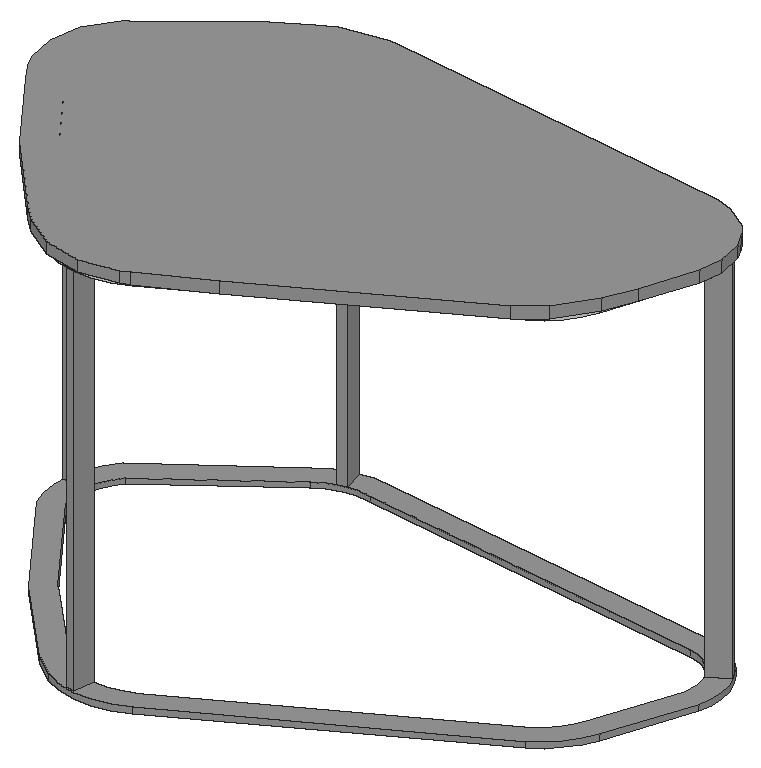
Revit family "Bernhardt-Design_Table_Chance_End", category Furniture, Revit 2013
Parameters (values of type "Chance End Table")
  Model = "Chance Table"
  Length = 18.5"
  Description = "Table"
  Width = 27.44"
  URL = "http://bernhardtdesign.com/"
  Product Page URL = "xxx"
  Product Name = "Chance End Table"
  Product Documentation Link = "xxx"
  Manufacturer = "Bernhardt "  # constant formula
  Level Certification = ""
  Height = 17.875"
  GreenGuard Certification = ""
  Bernhardt Wood = Wood-Bernhardt-Walnut
  Bernhardt Metal = Metal-Bernhardt-Polished
Reference planes (in)
  plane 1 "Center (Front/Back)": y = 0
  plane 2 "Bottom": z = 0
  plane 3 "Center (Left/Right)": x = 0
  plane 4 "Top of Upper Base": z = 17.1576
  plane 5 "Top of Lower Base": z = 0.25
  plane 6: z = 16.95866
  plane 7 "Table top": z = 17.6576
Forms (in)
  Extrusion 1, solid, material "Wood-Bernhardt-Walnut" <- "Bernhardt Wood"
    sketch origin (0, 0, 17.6576) x (1, 0, 0) y (0, 1, 0)
      loop
        line (-7.98163, -3.59373) -> (-4.98022, -6.92199) -> (-4.31235, -7.57609) -> (-2.88692, -8.49127) -> (-1.24452, -8.80455) -> (0.37897, -8.49489) -> (0.73817, -8.33468) -> (3.5281, -6.91869) -> (12.46809, -2.01369) -> (13.53672, -1.19132) -> (14.61164, 0.37874) -> (15.16745, 1.70771) -> (16.00663, 4.0542) -> (16.16111, 5.04284) -> (15.93809, 6.21218) -> (15.66416, 6.74897) -> (15.53192, 6.94811) -> (15.17153, 7.37802) -> (14.10018, 8.08174) -> (13.39476, 8.27373) -> (-2.23066, 9.94494) -> (-2.55991, 9.95458) -> (-4.45765, 9.59261) -> (-5.20164, 9.22828) -> (-6.53929, 8.39634) -> (-10.3982, 5.46641) -> (-10.59306, 5.28393) -> (-11.39789, 4.05865) -> (-11.65615, 2.70483) -> (-11.40062, 1.36505) -> (-11.09847, 0.76735) -> (-10.62415, 0.02585) -> (-7.98163, -3.59373)
    from 0 to -0.5
  Extrusion 2, solid
    sketch origin (0, -14.81214, 17.1576) x (1, 0, 0) y (0, -1, 0)
      loop
        line (-10.40044, -19.93394) -> (-5.14183, -23.75454)
        arc (-5.14183, -23.75454) -> (-3.73624, -24.40998) -> (-2.18747, -24.49115) r 4.064
        line (-2.18747, -24.49115) -> (13.22762, -22.87096)
        arc (13.22762, -22.87096) -> (15.38734, -21.57326) -> (15.78149, -19.08468) r 2.98095
        line (15.78149, -19.08468) -> (14.41341, -15.32591)
        arc (14.41341, -15.32591) -> (13.74462, -14.16752) -> (12.71996, -13.30774) r 3.85144
        line (12.71996, -13.30774) -> (0.62623, -6.71203)
        arc (0.62623, -6.71203) -> (-1.24107, -6.23594) -> (-3.10836, -6.71203) r 3.89993
        line (-3.10836, -6.71203) -> (-4.08787, -7.47032) -> (-7.49786, -11.12708) -> (-10.17521, -14.81214) -> (-10.99605, -15.94192)
        arc (-10.99605, -15.94192) -> (-11.29412, -18.02683) -> (-10.40044, -19.93394) r 3.68128
      loop
        line (-9.71873, -19.19317) -> (-4.55405, -22.94553)
        arc (-4.55405, -22.94553) -> (-3.48645, -23.44164) -> (-2.31058, -23.49858) r 3.064
        line (-2.31058, -23.49858) -> (13.12309, -21.87643)
        arc (13.12309, -21.87643) -> (14.54948, -21.02704) -> (14.82864, -19.39054) r 1.98095
        line (14.82864, -19.39054) -> (13.47372, -15.66793)
        arc (13.47372, -15.66793) -> (12.98218, -14.81462) -> (12.22969, -14.1794) r 2.85144
        line (12.22969, -14.1794) -> (0.14743, -7.58995)
        arc (0.14743, -7.58995) -> (-1.20405, -7.23617) -> (-2.56411, -7.55533) r 2.89993
        line (-2.56411, -7.55533) -> (-3.41172, -8.21151) -> (-6.7248, -11.76435) -> (-9.36619, -15.39992) -> (-10.12455, -16.44372)
        arc (-10.12455, -16.44372) -> (-10.30568, -17.87513) -> (-9.71873, -19.19317) r 2.68128
    from 0 to 0.19894
  Extrusion 3, solid, material "Metal-Bernhardt-Polished" <- "Bernhardt Metal"
    sketch origin (0, -14.81214, 0.25) x (1, 0, 0) y (0, -1, 0)
      loop
        line (-10.40044, -19.93394) -> (-5.14183, -23.75454)
        arc (-5.14183, -23.75454) -> (-3.73624, -24.40998) -> (-2.18747, -24.49115) r 4.064
        line (-2.18747, -24.49115) -> (13.22762, -22.87096)
        arc (13.22762, -22.87096) -> (15.38734, -21.57326) -> (15.78149, -19.08468) r 2.98095
        line (15.78149, -19.08468) -> (14.41341, -15.32591)
        arc (14.41341, -15.32591) -> (13.74462, -14.16752) -> (12.71996, -13.30774) r 3.85144
        line (12.71996, -13.30774) -> (0.62623, -6.71203)
        arc (0.62623, -6.71203) -> (-1.24107, -6.23594) -> (-3.10836, -6.71203) r 3.89993
        line (-3.10836, -6.71203) -> (-4.08787, -7.47032) -> (-7.49786, -11.12708) -> (-10.17521, -14.81214) -> (-10.99605, -15.94192)
        arc (-10.99605, -15.94192) -> (-11.29412, -18.02683) -> (-10.40044, -19.93394) r 3.68128
      loop
        line (-9.71873, -19.19317) -> (-4.55405, -22.94553)
        arc (-4.55405, -22.94553) -> (-3.48645, -23.44164) -> (-2.31058, -23.49858) r 3.064
        line (-2.31058, -23.49858) -> (13.12309, -21.87643)
        arc (13.12309, -21.87643) -> (14.54948, -21.02704) -> (14.82864, -19.39054) r 1.98095
        line (14.82864, -19.39054) -> (13.47372, -15.66793)
        arc (13.47372, -15.66793) -> (12.98218, -14.81462) -> (12.22969, -14.1794) r 2.85144
        line (12.22969, -14.1794) -> (0.14743, -7.58995)
        arc (0.14743, -7.58995) -> (-1.20405, -7.23617) -> (-2.56411, -7.55533) r 2.89993
        line (-2.56411, -7.55533) -> (-3.41172, -8.21151) -> (-6.7248, -11.76435) -> (-9.36619, -15.39992) -> (-10.12455, -16.44372)
        arc (-10.12455, -16.44372) -> (-10.30568, -17.87513) -> (-9.71873, -19.19317) r 2.68128
    from 0 to 0.25
  Extrusion 4, solid, material "Metal-Bernhardt-Polished" <- "Bernhardt Metal"
    sketch origin (0, 0, 0.25) x (0, -1, 0) y (1, 0, 0)
      loop
        line (-3.25341, -10.36288) -> (-3.38939, -11.28799) -> (-2.99987, -11.34524) -> (-2.8639, -10.42014) -> (-3.25341, -10.36288)
      loop
        line (-9.57593, -3.5156) -> (-9.48417, -3.89451) -> (-8.57827, -3.67512) -> (-8.67004, -3.29621) -> (-9.57593, -3.5156)
      loop
        line (-6.2734, 14.50777) -> (-5.93204, 14.72107) -> (-6.43841, 15.53142) -> (-6.77976, 15.31812) -> (-6.2734, 14.50777)
      loop
        line (7.49456, -1.92473) -> (8.42761, -2.05587) -> (8.48204, -1.66862) -> (7.56084, -1.53915) -> (7.49456, -1.92473)
    from 0 to 16.70866
Lines and regions (in)
  symbolic lines
    curve 1: line (-4.45765, 9.59261, 17.6576) -> (-2.55991, 9.95458, 17.6576)
    curve 2: line (-5.20164, 9.22828, 17.6576) -> (-4.45765, 9.59261, 17.6576)
    curve 3: line (-6.53929, 8.39634, 17.6576) -> (-5.20164, 9.22828, 17.6576)
    curve 4: line (-10.3982, 5.46641, 17.6576) -> (-6.53929, 8.39634, 17.6576)
    curve 5: line (-10.59306, 5.28393, 17.6576) -> (-10.3982, 5.46641, 17.6576)
    curve 6: line (-11.39789, 4.05865, 17.6576) -> (-10.59306, 5.28393, 17.6576)
    curve 7: line (-11.65615, 2.70483, 17.6576) -> (-11.39789, 4.05865, 17.6576)
    curve 8: line (-11.40062, 1.36505, 17.6576) -> (-11.65615, 2.70483, 17.6576)
    curve 9: line (-11.09847, 0.76735, 17.6576) -> (-11.40062, 1.36505, 17.6576)
    curve 10: line (-10.62415, 0.02585, 17.6576) -> (-11.09847, 0.76735, 17.6576)
    curve 11: line (-7.98163, -3.59373, 17.6576) -> (-10.62415, 0.02585, 17.6576)
    curve 12: line (-4.98022, -6.92199, 17.6576) -> (-7.98163, -3.59373, 17.6576)
    curve 13: line (-4.31235, -7.57609, 17.6576) -> (-4.98022, -6.92199, 17.6576)
    curve 14: line (-2.88692, -8.49127, 17.6576) -> (-4.31235, -7.57609, 17.6576)
    curve 15: line (-1.24452, -8.80455, 17.6576) -> (-2.88692, -8.49127, 17.6576)
    curve 16: line (0.37897, -8.49489, 17.6576) -> (-1.24452, -8.80455, 17.6576)
    curve 17: line (0.73817, -8.33468, 17.6576) -> (0.37897, -8.49489, 17.6576)
    curve 18: line (3.5281, -6.91869, 17.6576) -> (0.73817, -8.33468, 17.6576)
    curve 19: line (12.46809, -2.01369, 17.6576) -> (3.5281, -6.91869, 17.6576)
    curve 20: line (13.53672, -1.19132, 17.6576) -> (12.46809, -2.01369, 17.6576)
    curve 21: line (14.61164, 0.37874, 17.6576) -> (13.53672, -1.19132, 17.6576)
    curve 22: line (15.16745, 1.70771, 17.6576) -> (14.61164, 0.37874, 17.6576)
    curve 23: line (16.00663, 4.0542, 17.6576) -> (15.16745, 1.70771, 17.6576)
    curve 24: line (16.16111, 5.04284, 17.6576) -> (16.00663, 4.0542, 17.6576)
    curve 25: line (15.93809, 6.21218, 17.6576) -> (16.16111, 5.04284, 17.6576)
    curve 26: line (15.66416, 6.74897, 17.6576) -> (15.93809, 6.21218, 17.6576)
    curve 27: line (15.17153, 7.37802, 17.6576) -> (15.53192, 6.94811, 17.6576)
    curve 28: line (14.10018, 8.08174, 17.6576) -> (15.17153, 7.37802, 17.6576)
    curve 29: line (13.39476, 8.27373, 17.6576) -> (14.10018, 8.08174, 17.6576)
    curve 30: line (-2.23066, 9.94494, 17.6576) -> (13.39476, 8.27373, 17.6576)
    curve 31: line (-2.55991, 9.95458, 17.6576) -> (-2.23066, 9.94494, 17.6576)
    curve 32: line (-2.88692, -8.49127, 17.6576) -> (-4.31235, -7.57609, 17.6576)
Dimensions and locks (in)
  aligned and locked: plane 2 "Bottom" to level
  aligned and locked: plane 4 "Top of Upper Base" to Extrusion 1
  aligned and locked: Extrusion 1 to plane 7 "Table top"
  aligned and locked: plane 6 to Extrusion 2
  aligned and locked: Extrusion 2 to plane 4 "Top of Upper Base"
  aligned and locked: plane 5 "Top of Lower Base" to Extrusion 3
  aligned and locked: Extrusion 3 to level
  aligned and locked: Extrusion 4 to plane 6
  aligned and locked: Extrusion 4 to plane 5 "Top of Lower Base"
